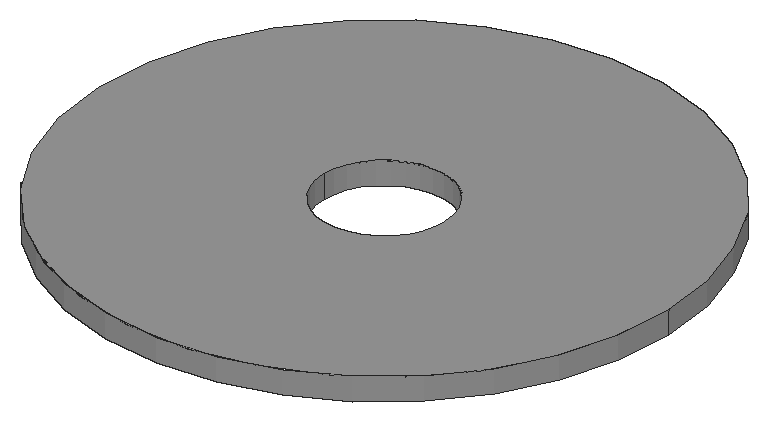
Revit family "Großflächenscheibe - WS M6 G30 G", category Generic Models, Revit 2017
Family settings
  Can host rebar = No
  Round Connector Dimension = Use Diameter
  Part Type = Normal
  Work Plane-Based = No
  Always vertical = Yes
  Cut with Voids When Loaded = No
  Shared = No
  Room Calculation Point = No
Parameters (values of type "WS M6 G30 G")
  URL = "http://www.obo-bettermann.com"
  Material = Electrogalvanised
  Manufacturer Art.No. = "3403092"
  Manufacturer = "OBO BETTERMANN"
  Height = 1.2 mm
  GTIN = "4012195868156"
  Diameter 1 = 6.4 mm
  Diameter = 30 mm
  Article Type = "WS M6 G30 G"
Reference planes
  plane 1 "Center (Front/Back)": y = 0
  plane 2: z = 0
  plane 3 "Center (Left/Right)": x = 0
  plane 4: z = 1.2
Forms (mm)
  Extrusion 1, solid, material "Electrogalvanised" <- "Material"
    sketch origin (0, 0, 0) x (1, 0, 0) y (0, 1, 0)
      loop
        circle (0, 0) r 3.2
      loop
        circle (0, 0) r 15
    from 0 to 1.2
Dimensions and locks
  plane 1 "Center (Front/Back)" to Extrusion 1 sketch curve = 15 mm
  plane 1 "Center (Front/Back)" to Extrusion 1 sketch curve = 3.2 mm
  locked: plane 4 to level at 1.2
  "Height": Extrusion 1 to Extrusion 1
  aligned and locked: level to plane 2
  aligned and locked: plane 4 to Extrusion 1
Automatic sketch dimensions
  Extrusion 1 sketch curve to Extrusion 1 sketch curve = 0 mm  (x3)
  Extrusion 1 sketch curve to plane 3 "Center (Left/Right)" = 0 mm
  plane 1 "Center (Front/Back)" to Extrusion 1 sketch curve = 0 mm
